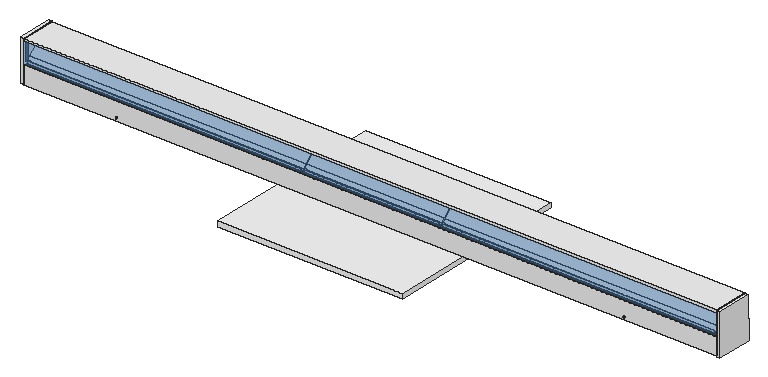
Revit family "BE_50807.1_de_DE", category Leuchten, Revit 2020 (continued)
Definition of nested family "BE_50807.1"
  Automatic sketch dimensions
    Extrusion 309 sketch curve to Extrusion 309 sketch curve = 27.233 mm
    Extrusion 310 sketch curve to Extrusion 310 sketch curve = 0.269 mm  (x2)
    Extrusion 310 sketch curve to Extrusion 310 sketch curve = 2.819 mm  (x2)
    Extrusion 310 sketch curve to Extrusion 310 sketch curve = 0 mm
    Extrusion 310 sketch curve to Extrusion 310 sketch curve = 0.739 mm  (x2)
    Extrusion 310 sketch curve to Extrusion 310 sketch curve = 27.233 mm
    Extrusion 311 sketch curve to Extrusion 311 sketch curve = 0.269 mm  (x2)
    Extrusion 311 sketch curve to Extrusion 311 sketch curve = 2.819 mm  (x2)
    Extrusion 311 sketch curve to Extrusion 311 sketch curve = 0 mm
    Extrusion 311 sketch curve to Extrusion 311 sketch curve = 0.739 mm  (x2)
    Extrusion 311 sketch curve to Extrusion 311 sketch curve = 27.233 mm
    Extrusion 312 sketch curve to Extrusion 312 sketch curve = 0.269 mm  (x2)
    Extrusion 312 sketch curve to Extrusion 312 sketch curve = 2.819 mm  (x2)
    Extrusion 312 sketch curve to Extrusion 312 sketch curve = 0 mm
    Extrusion 312 sketch curve to Extrusion 312 sketch curve = 0.739 mm  (x2)
    Extrusion 312 sketch curve to Extrusion 312 sketch curve = 27.233 mm
    Extrusion 313 sketch curve to Extrusion 313 sketch curve = 0.269 mm  (x2)
    Extrusion 313 sketch curve to Extrusion 313 sketch curve = 2.819 mm  (x2)
    Extrusion 313 sketch curve to Extrusion 313 sketch curve = 0 mm
    Extrusion 313 sketch curve to Extrusion 313 sketch curve = 0.739 mm  (x2)
    Extrusion 313 sketch curve to Extrusion 313 sketch curve = 27.233 mm
    Extrusion 314 sketch curve to Extrusion 314 sketch curve = 0.269 mm  (x2)
    Extrusion 314 sketch curve to Extrusion 314 sketch curve = 2.819 mm  (x2)
    Extrusion 314 sketch curve to Extrusion 314 sketch curve = 0 mm
    Extrusion 314 sketch curve to Extrusion 314 sketch curve = 0.739 mm  (x2)
    Extrusion 314 sketch curve to Extrusion 314 sketch curve = 27.233 mm
    Extrusion 315 sketch curve to Extrusion 315 sketch curve = 0.269 mm  (x2)
    Extrusion 315 sketch curve to Extrusion 315 sketch curve = 2.819 mm  (x2)
    Extrusion 315 sketch curve to Extrusion 315 sketch curve = 0 mm
    Extrusion 315 sketch curve to Extrusion 315 sketch curve = 0.739 mm  (x2)
    Extrusion 315 sketch curve to Extrusion 315 sketch curve = 27.233 mm
    Extrusion 316 sketch curve to Extrusion 316 sketch curve = 0.269 mm  (x2)
    Extrusion 316 sketch curve to Extrusion 316 sketch curve = 2.819 mm  (x2)
    Extrusion 316 sketch curve to Extrusion 316 sketch curve = 0 mm
    Extrusion 316 sketch curve to Extrusion 316 sketch curve = 0.739 mm  (x2)
    Extrusion 316 sketch curve to Extrusion 316 sketch curve = 27.233 mm
    Extrusion 317 sketch curve to Extrusion 317 sketch curve = 0.269 mm  (x2)
    Extrusion 317 sketch curve to Extrusion 317 sketch curve = 2.819 mm  (x2)
    Extrusion 317 sketch curve to Extrusion 317 sketch curve = 0 mm
    Extrusion 317 sketch curve to Extrusion 317 sketch curve = 0.739 mm  (x2)
    Extrusion 317 sketch curve to Extrusion 317 sketch curve = 27.233 mm
    Extrusion 318 sketch curve to Extrusion 318 sketch curve = 0.269 mm  (x2)
    Extrusion 318 sketch curve to Extrusion 318 sketch curve = 2.819 mm  (x2)
    Extrusion 318 sketch curve to Extrusion 318 sketch curve = 0 mm
    Extrusion 318 sketch curve to Extrusion 318 sketch curve = 0.739 mm  (x2)
    Extrusion 318 sketch curve to Extrusion 318 sketch curve = 27.233 mm
    Extrusion 319 sketch curve to Extrusion 319 sketch curve = 0.269 mm  (x2)
    Extrusion 319 sketch curve to Extrusion 319 sketch curve = 2.819 mm  (x2)
    Extrusion 319 sketch curve to Extrusion 319 sketch curve = 0 mm
    Extrusion 319 sketch curve to Extrusion 319 sketch curve = 0.739 mm  (x2)
    Extrusion 319 sketch curve to Extrusion 319 sketch curve = 27.233 mm
    Extrusion 320 sketch curve to Extrusion 320 sketch curve = 0.269 mm  (x2)
    Extrusion 320 sketch curve to Extrusion 320 sketch curve = 2.819 mm  (x2)
    Extrusion 320 sketch curve to Extrusion 320 sketch curve = 0 mm
    Extrusion 320 sketch curve to Extrusion 320 sketch curve = 0.739 mm  (x2)
    Extrusion 320 sketch curve to Extrusion 320 sketch curve = 27.233 mm
    Extrusion 321 sketch curve to Extrusion 321 sketch curve = 0.269 mm  (x2)
    Extrusion 321 sketch curve to Extrusion 321 sketch curve = 2.819 mm  (x2)
    Extrusion 321 sketch curve to Extrusion 321 sketch curve = 0 mm
    Extrusion 321 sketch curve to Extrusion 321 sketch curve = 0.739 mm  (x2)
    Extrusion 321 sketch curve to Extrusion 321 sketch curve = 27.233 mm
    Extrusion 322 sketch curve to Extrusion 322 sketch curve = 0.269 mm  (x2)
    Extrusion 322 sketch curve to Extrusion 322 sketch curve = 2.819 mm  (x2)
    Extrusion 322 sketch curve to Extrusion 322 sketch curve = 0 mm
    Extrusion 322 sketch curve to Extrusion 322 sketch curve = 0.739 mm  (x2)
    Extrusion 322 sketch curve to Extrusion 322 sketch curve = 27.233 mm
    Extrusion 323 sketch curve to Extrusion 323 sketch curve = 0.269 mm  (x2)
    Extrusion 323 sketch curve to Extrusion 323 sketch curve = 2.819 mm  (x2)
    Extrusion 323 sketch curve to Extrusion 323 sketch curve = 0 mm
    Extrusion 323 sketch curve to Extrusion 323 sketch curve = 0.739 mm  (x2)
    Extrusion 323 sketch curve to Extrusion 323 sketch curve = 27.233 mm
    Extrusion 324 sketch curve to Extrusion 324 sketch curve = 0.269 mm  (x2)
    Extrusion 324 sketch curve to Extrusion 324 sketch curve = 2.819 mm  (x2)
    Extrusion 324 sketch curve to Extrusion 324 sketch curve = 0 mm
    Extrusion 324 sketch curve to Extrusion 324 sketch curve = 0.739 mm  (x2)
    Extrusion 324 sketch curve to Extrusion 324 sketch curve = 27.233 mm
    Extrusion 325 sketch curve to Extrusion 325 sketch curve = 0.269 mm  (x2)
    Extrusion 325 sketch curve to Extrusion 325 sketch curve = 2.819 mm  (x2)
    Extrusion 325 sketch curve to Extrusion 325 sketch curve = 0 mm
    Extrusion 325 sketch curve to Extrusion 325 sketch curve = 0.739 mm  (x2)
    Extrusion 325 sketch curve to Extrusion 325 sketch curve = 27.233 mm
    Extrusion 326 sketch curve to Extrusion 326 sketch curve = 0.269 mm  (x2)
    Extrusion 326 sketch curve to Extrusion 326 sketch curve = 2.819 mm  (x2)
    Extrusion 326 sketch curve to Extrusion 326 sketch curve = 0 mm
    Extrusion 326 sketch curve to Extrusion 326 sketch curve = 0.739 mm  (x2)
    Extrusion 326 sketch curve to Extrusion 326 sketch curve = 27.233 mm
    Extrusion 327 sketch curve to Extrusion 327 sketch curve = 0.269 mm  (x2)
    Extrusion 327 sketch curve to Extrusion 327 sketch curve = 2.819 mm  (x2)
    Extrusion 327 sketch curve to Extrusion 327 sketch curve = 0 mm
    Extrusion 327 sketch curve to Extrusion 327 sketch curve = 0.739 mm  (x2)
    Extrusion 327 sketch curve to Extrusion 327 sketch curve = 27.233 mm
    Extrusion 328 sketch curve to Extrusion 328 sketch curve = 0.269 mm  (x2)
    Extrusion 328 sketch curve to Extrusion 328 sketch curve = 2.819 mm  (x2)
    Extrusion 328 sketch curve to Extrusion 328 sketch curve = 0 mm
    Extrusion 328 sketch curve to Extrusion 328 sketch curve = 0.739 mm  (x2)
    Extrusion 328 sketch curve to Extrusion 328 sketch curve = 27.233 mm
    Extrusion 329 sketch curve to Extrusion 329 sketch curve = 0.269 mm  (x2)
    Extrusion 329 sketch curve to Extrusion 329 sketch curve = 2.819 mm  (x2)
    Extrusion 329 sketch curve to Extrusion 329 sketch curve = 0 mm
    Extrusion 329 sketch curve to Extrusion 329 sketch curve = 0.739 mm  (x2)
    Extrusion 329 sketch curve to Extrusion 329 sketch curve = 27.233 mm
    Extrusion 330 sketch curve to Extrusion 330 sketch curve = 0.269 mm  (x2)
    Extrusion 330 sketch curve to Extrusion 330 sketch curve = 2.819 mm  (x2)
    Extrusion 330 sketch curve to Extrusion 330 sketch curve = 0 mm
    Extrusion 330 sketch curve to Extrusion 330 sketch curve = 0.739 mm  (x2)
    Extrusion 330 sketch curve to Extrusion 330 sketch curve = 27.233 mm
    Extrusion 331 sketch curve to Extrusion 331 sketch curve = 0.269 mm  (x2)
    Extrusion 331 sketch curve to Extrusion 331 sketch curve = 2.819 mm  (x2)
    Extrusion 331 sketch curve to Extrusion 331 sketch curve = 0 mm
    Extrusion 331 sketch curve to Extrusion 331 sketch curve = 0.739 mm  (x2)
    Extrusion 331 sketch curve to Extrusion 331 sketch curve = 27.233 mm
    Extrusion 332 sketch curve to Extrusion 332 sketch curve = 0.269 mm  (x2)
    Extrusion 332 sketch curve to Extrusion 332 sketch curve = 2.819 mm  (x2)
    Extrusion 332 sketch curve to Extrusion 332 sketch curve = 0 mm
    Extrusion 332 sketch curve to Extrusion 332 sketch curve = 0.739 mm  (x2)
    Extrusion 332 sketch curve to Extrusion 332 sketch curve = 27.233 mm
    Extrusion 333 sketch curve to Extrusion 333 sketch curve = 0.269 mm  (x2)
    Extrusion 333 sketch curve to Extrusion 333 sketch curve = 2.819 mm  (x2)
    Extrusion 333 sketch curve to Extrusion 333 sketch curve = 0 mm
    Extrusion 333 sketch curve to Extrusion 333 sketch curve = 0.739 mm  (x2)
    Extrusion 333 sketch curve to Extrusion 333 sketch curve = 27.233 mm
    Extrusion 334 sketch curve to Extrusion 334 sketch curve = 0.269 mm  (x2)
    Extrusion 334 sketch curve to Extrusion 334 sketch curve = 2.819 mm  (x2)
    Extrusion 334 sketch curve to Extrusion 334 sketch curve = 0 mm
    Extrusion 334 sketch curve to Extrusion 334 sketch curve = 0.739 mm  (x2)
    Extrusion 334 sketch curve to Extrusion 334 sketch curve = 27.233 mm
    Extrusion 335 sketch curve to Extrusion 335 sketch curve = 0.269 mm  (x2)
    Extrusion 335 sketch curve to Extrusion 335 sketch curve = 2.819 mm  (x2)
    Extrusion 335 sketch curve to Extrusion 335 sketch curve = 0 mm
    Extrusion 335 sketch curve to Extrusion 335 sketch curve = 0.739 mm  (x2)
    Extrusion 335 sketch curve to Extrusion 335 sketch curve = 27.233 mm
    Extrusion 336 sketch curve to Extrusion 336 sketch curve = 0.269 mm  (x2)
    Extrusion 336 sketch curve to Extrusion 336 sketch curve = 2.819 mm  (x2)
    Extrusion 336 sketch curve to Extrusion 336 sketch curve = 0 mm
    Extrusion 336 sketch curve to Extrusion 336 sketch curve = 0.739 mm  (x2)
    Extrusion 336 sketch curve to Extrusion 336 sketch curve = 27.233 mm
    Extrusion 337 sketch curve to Extrusion 337 sketch curve = 0.269 mm  (x2)
    Extrusion 337 sketch curve to Extrusion 337 sketch curve = 2.819 mm  (x2)
    Extrusion 337 sketch curve to Extrusion 337 sketch curve = 0 mm
    Extrusion 337 sketch curve to Extrusion 337 sketch curve = 0.739 mm  (x2)
    Extrusion 337 sketch curve to Extrusion 337 sketch curve = 27.233 mm
    Extrusion 338 sketch curve to Extrusion 338 sketch curve = 0.269 mm  (x2)
    Extrusion 338 sketch curve to Extrusion 338 sketch curve = 2.819 mm  (x2)
    Extrusion 338 sketch curve to Extrusion 338 sketch curve = 0 mm
    Extrusion 338 sketch curve to Extrusion 338 sketch curve = 0.739 mm  (x2)
    Extrusion 338 sketch curve to Extrusion 338 sketch curve = 27.233 mm
    Extrusion 339 sketch curve to Extrusion 339 sketch curve = 0.269 mm  (x2)
    Extrusion 339 sketch curve to Extrusion 339 sketch curve = 2.819 mm  (x2)
    Extrusion 339 sketch curve to Extrusion 339 sketch curve = 0 mm
    Extrusion 339 sketch curve to Extrusion 339 sketch curve = 0.739 mm  (x2)
    Extrusion 339 sketch curve to Extrusion 339 sketch curve = 27.233 mm
    Extrusion 340 sketch curve to Extrusion 340 sketch curve = 0.269 mm  (x2)
    Extrusion 340 sketch curve to Extrusion 340 sketch curve = 2.819 mm  (x2)
    Extrusion 340 sketch curve to Extrusion 340 sketch curve = 0 mm
    Extrusion 340 sketch curve to Extrusion 340 sketch curve = 0.739 mm  (x2)
    Extrusion 340 sketch curve to Extrusion 340 sketch curve = 27.233 mm
    Extrusion 341 sketch curve to Extrusion 341 sketch curve = 0.269 mm  (x2)
    Extrusion 341 sketch curve to Extrusion 341 sketch curve = 2.819 mm  (x2)
    Extrusion 341 sketch curve to Extrusion 341 sketch curve = 0 mm
    Extrusion 341 sketch curve to Extrusion 341 sketch curve = 0.739 mm  (x2)
    Extrusion 341 sketch curve to Extrusion 341 sketch curve = 27.233 mm
    Extrusion 342 sketch curve to Extrusion 342 sketch curve = 0.269 mm  (x2)
    Extrusion 342 sketch curve to Extrusion 342 sketch curve = 2.819 mm  (x2)
    Extrusion 342 sketch curve to Extrusion 342 sketch curve = 0 mm
    Extrusion 342 sketch curve to Extrusion 342 sketch curve = 0.739 mm  (x2)
    Extrusion 342 sketch curve to Extrusion 342 sketch curve = 27.233 mm
    Extrusion 343 sketch curve to Extrusion 343 sketch curve = 0.269 mm  (x2)
    Extrusion 343 sketch curve to Extrusion 343 sketch curve = 2.819 mm  (x2)
    Extrusion 343 sketch curve to Extrusion 343 sketch curve = 0 mm
    Extrusion 343 sketch curve to Extrusion 343 sketch curve = 0.739 mm  (x2)
    Extrusion 343 sketch curve to Extrusion 343 sketch curve = 27.233 mm
    Extrusion 344 sketch curve to Extrusion 344 sketch curve = 0.269 mm  (x2)
    Extrusion 344 sketch curve to Extrusion 344 sketch curve = 2.819 mm  (x2)
    Extrusion 344 sketch curve to Extrusion 344 sketch curve = 0 mm
    Extrusion 344 sketch curve to Extrusion 344 sketch curve = 0.739 mm  (x2)
    Extrusion 344 sketch curve to Extrusion 344 sketch curve = 27.233 mm
    Extrusion 345 sketch curve to Extrusion 345 sketch curve = 0.269 mm  (x2)
    Extrusion 345 sketch curve to Extrusion 345 sketch curve = 2.819 mm  (x2)
    Extrusion 345 sketch curve to Extrusion 345 sketch curve = 0 mm
    Extrusion 345 sketch curve to Extrusion 345 sketch curve = 0.739 mm  (x2)
    Extrusion 345 sketch curve to Extrusion 345 sketch curve = 27.233 mm
    Extrusion 346 sketch curve to Extrusion 346 sketch curve = 0.269 mm  (x2)
    Extrusion 346 sketch curve to Extrusion 346 sketch curve = 2.819 mm  (x2)
    Extrusion 346 sketch curve to Extrusion 346 sketch curve = 0 mm
    Extrusion 346 sketch curve to Extrusion 346 sketch curve = 0.739 mm  (x2)
    Extrusion 346 sketch curve to Extrusion 346 sketch curve = 27.233 mm
    Extrusion 347 sketch curve to Extrusion 347 sketch curve = 0.269 mm  (x2)
    Extrusion 347 sketch curve to Extrusion 347 sketch curve = 2.819 mm  (x2)
    Extrusion 347 sketch curve to Extrusion 347 sketch curve = 0 mm
    Extrusion 347 sketch curve to Extrusion 347 sketch curve = 0.739 mm  (x2)
    Extrusion 347 sketch curve to Extrusion 347 sketch curve = 27.233 mm
    Extrusion 348 sketch curve to Extrusion 348 sketch curve = 0.269 mm  (x2)
    Extrusion 348 sketch curve to Extrusion 348 sketch curve = 2.819 mm  (x2)
    Extrusion 348 sketch curve to Extrusion 348 sketch curve = 0 mm
    Extrusion 348 sketch curve to Extrusion 348 sketch curve = 0.739 mm  (x2)
    Extrusion 348 sketch curve to Extrusion 348 sketch curve = 27.233 mm
    Extrusion 349 sketch curve to Extrusion 349 sketch curve = 0.269 mm  (x2)
    Extrusion 349 sketch curve to Extrusion 349 sketch curve = 2.819 mm  (x2)
    Extrusion 349 sketch curve to Extrusion 349 sketch curve = 0 mm
    Extrusion 349 sketch curve to Extrusion 349 sketch curve = 0.739 mm  (x2)
    Extrusion 349 sketch curve to Extrusion 349 sketch curve = 27.233 mm
    Extrusion 350 sketch curve to Extrusion 350 sketch curve = 0.269 mm  (x2)
    Extrusion 350 sketch curve to Extrusion 350 sketch curve = 2.819 mm  (x2)
    Extrusion 350 sketch curve to Extrusion 350 sketch curve = 0 mm
    Extrusion 350 sketch curve to Extrusion 350 sketch curve = 0.739 mm  (x2)
    Extrusion 350 sketch curve to Extrusion 350 sketch curve = 27.233 mm
    Extrusion 351 sketch curve to Extrusion 351 sketch curve = 0.269 mm  (x2)
    Extrusion 351 sketch curve to Extrusion 351 sketch curve = 2.819 mm  (x2)
    Extrusion 351 sketch curve to Extrusion 351 sketch curve = 0 mm
    Extrusion 351 sketch curve to Extrusion 351 sketch curve = 0.739 mm  (x2)
    Extrusion 351 sketch curve to Extrusion 351 sketch curve = 27.233 mm
    Extrusion 352 sketch curve to Extrusion 352 sketch curve = 0.269 mm  (x2)
    Extrusion 352 sketch curve to Extrusion 352 sketch curve = 2.819 mm  (x2)
    Extrusion 352 sketch curve to Extrusion 352 sketch curve = 0 mm
    Extrusion 352 sketch curve to Extrusion 352 sketch curve = 0.739 mm  (x2)
    Extrusion 352 sketch curve to Extrusion 352 sketch curve = 27.233 mm
    Extrusion 353 sketch curve to Extrusion 353 sketch curve = 0.269 mm  (x2)
    Extrusion 353 sketch curve to Extrusion 353 sketch curve = 2.819 mm  (x2)
    Extrusion 353 sketch curve to Extrusion 353 sketch curve = 0 mm
    Extrusion 353 sketch curve to Extrusion 353 sketch curve = 0.739 mm  (x2)
    Extrusion 353 sketch curve to Extrusion 353 sketch curve = 27.233 mm
    Extrusion 354 sketch curve to Extrusion 354 sketch curve = 0.269 mm  (x2)
    Extrusion 354 sketch curve to Extrusion 354 sketch curve = 2.819 mm  (x2)
    Extrusion 354 sketch curve to Extrusion 354 sketch curve = 0 mm
    Extrusion 354 sketch curve to Extrusion 354 sketch curve = 0.739 mm  (x2)
    Extrusion 354 sketch curve to Extrusion 354 sketch curve = 27.233 mm
    Extrusion 355 sketch curve to Extrusion 355 sketch curve = 0.269 mm  (x2)
    Extrusion 355 sketch curve to Extrusion 355 sketch curve = 2.819 mm  (x2)
    Extrusion 355 sketch curve to Extrusion 355 sketch curve = 0 mm
    Extrusion 355 sketch curve to Extrusion 355 sketch curve = 0.739 mm  (x2)
    Extrusion 355 sketch curve to Extrusion 355 sketch curve = 27.233 mm
    Extrusion 356 sketch curve to Extrusion 356 sketch curve = 0.269 mm  (x2)
    Extrusion 356 sketch curve to Extrusion 356 sketch curve = 2.819 mm  (x2)
    Extrusion 356 sketch curve to Extrusion 356 sketch curve = 0 mm
    Extrusion 356 sketch curve to Extrusion 356 sketch curve = 0.739 mm  (x2)
    Extrusion 356 sketch curve to Extrusion 356 sketch curve = 27.233 mm
    Extrusion 357 sketch curve to Extrusion 357 sketch curve = 0.269 mm  (x2)
    Extrusion 357 sketch curve to Extrusion 357 sketch curve = 2.819 mm  (x2)
    Extrusion 357 sketch curve to Extrusion 357 sketch curve = 0 mm
    Extrusion 357 sketch curve to Extrusion 357 sketch curve = 0.739 mm  (x2)
    Extrusion 357 sketch curve to Extrusion 357 sketch curve = 27.233 mm
    Extrusion 358 sketch curve to Extrusion 358 sketch curve = 0.269 mm  (x2)
    Extrusion 358 sketch curve to Extrusion 358 sketch curve = 2.819 mm  (x2)
    Extrusion 358 sketch curve to Extrusion 358 sketch curve = 0 mm
    Extrusion 358 sketch curve to Extrusion 358 sketch curve = 0.739 mm  (x2)
    Extrusion 358 sketch curve to Extrusion 358 sketch curve = 27.233 mm
    Extrusion 359 sketch curve to Extrusion 359 sketch curve = 0.269 mm  (x2)
    Extrusion 359 sketch curve to Extrusion 359 sketch curve = 2.819 mm  (x2)
    Extrusion 359 sketch curve to Extrusion 359 sketch curve = 0 mm
    Extrusion 359 sketch curve to Extrusion 359 sketch curve = 0.739 mm  (x2)
    Extrusion 359 sketch curve to Extrusion 359 sketch curve = 27.233 mm
    Extrusion 360 sketch curve to Extrusion 360 sketch curve = 0.269 mm  (x2)
    Extrusion 360 sketch curve to Extrusion 360 sketch curve = 2.819 mm  (x2)
    Extrusion 360 sketch curve to Extrusion 360 sketch curve = 0 mm
    Extrusion 360 sketch curve to Extrusion 360 sketch curve = 0.739 mm  (x2)
    Extrusion 360 sketch curve to Extrusion 360 sketch curve = 27.233 mm
    Extrusion 361 sketch curve to Extrusion 361 sketch curve = 0.269 mm  (x2)
    Extrusion 361 sketch curve to Extrusion 361 sketch curve = 2.819 mm  (x2)
    Extrusion 361 sketch curve to Extrusion 361 sketch curve = 0 mm
    Extrusion 361 sketch curve to Extrusion 361 sketch curve = 0.739 mm  (x2)
    Extrusion 361 sketch curve to Extrusion 361 sketch curve = 27.233 mm
    Extrusion 362 sketch curve to Extrusion 362 sketch curve = 0.269 mm  (x2)
    Extrusion 362 sketch curve to Extrusion 362 sketch curve = 2.819 mm  (x2)
    Extrusion 362 sketch curve to Extrusion 362 sketch curve = 0 mm
    Extrusion 362 sketch curve to Extrusion 362 sketch curve = 0.739 mm  (x2)
    Extrusion 362 sketch curve to Extrusion 362 sketch curve = 27.233 mm
    Extrusion 363 sketch curve to Extrusion 363 sketch curve = 0.269 mm  (x2)
    Extrusion 363 sketch curve to Extrusion 363 sketch curve = 2.819 mm  (x2)
    Extrusion 363 sketch curve to Extrusion 363 sketch curve = 0 mm
    Extrusion 363 sketch curve to Extrusion 363 sketch curve = 0.739 mm  (x2)
    Extrusion 363 sketch curve to Extrusion 363 sketch curve = 27.233 mm
    Extrusion 364 sketch curve to Extrusion 364 sketch curve = 0.269 mm  (x2)
    Extrusion 364 sketch curve to Extrusion 364 sketch curve = 2.819 mm  (x2)
    Extrusion 364 sketch curve to Extrusion 364 sketch curve = 0 mm
    Extrusion 364 sketch curve to Extrusion 364 sketch curve = 0.739 mm  (x2)
    Extrusion 364 sketch curve to Extrusion 364 sketch curve = 27.233 mm
    Extrusion 365 sketch curve to Extrusion 365 sketch curve = 0.269 mm  (x2)
    Extrusion 365 sketch curve to Extrusion 365 sketch curve = 2.819 mm  (x2)
    Extrusion 365 sketch curve to Extrusion 365 sketch curve = 0 mm
    Extrusion 365 sketch curve to Extrusion 365 sketch curve = 0.739 mm  (x2)
    Extrusion 365 sketch curve to Extrusion 365 sketch curve = 27.233 mm
    Extrusion 366 sketch curve to Extrusion 366 sketch curve = 0.269 mm  (x2)
    Extrusion 366 sketch curve to Extrusion 366 sketch curve = 2.819 mm  (x2)
    Extrusion 366 sketch curve to Extrusion 366 sketch curve = 0 mm
    Extrusion 366 sketch curve to Extrusion 366 sketch curve = 0.739 mm  (x2)
    Extrusion 366 sketch curve to Extrusion 366 sketch curve = 27.233 mm
    level to Extrusion 367 sketch curve = 7 mm
    Extrusion 367 sketch curve to plane 3 "Mitte (Links/Rechts)" = 550 mm
    level to Extrusion 368 sketch curve = 7 mm  (x2)
    plane 3 "Mitte (Links/Rechts)" to Extrusion 368 sketch curve = 550 mm
    Extrusion 368 sketch curve to Extrusion 368 sketch curve = 2.067 mm  (x2)
    Extrusion 368 sketch curve to Extrusion 368 sketch curve = 0 mm  (x2)
    Extrusion 368 sketch curve to plane 3 "Mitte (Links/Rechts)" = 550 mm
    level to Extrusion 369 sketch curve = 6.25 mm
    level to Extrusion 369 sketch curve = 5.5 mm
    Extrusion 369 sketch curve to Extrusion 369 sketch curve = 1.299 mm  (x3)
    level to Extrusion 369 sketch curve = 8.5 mm
    Extrusion 369 sketch curve to Extrusion 369 sketch curve = 0.75 mm  (x2)
    plane 3 "Mitte (Links/Rechts)" to Extrusion 369 sketch curve = 548.701 mm
    Extrusion 369 sketch curve to Extrusion 369 sketch curve = 1.5 mm
    radius of Extrusion 367 sketch curve = 2.067 mm
